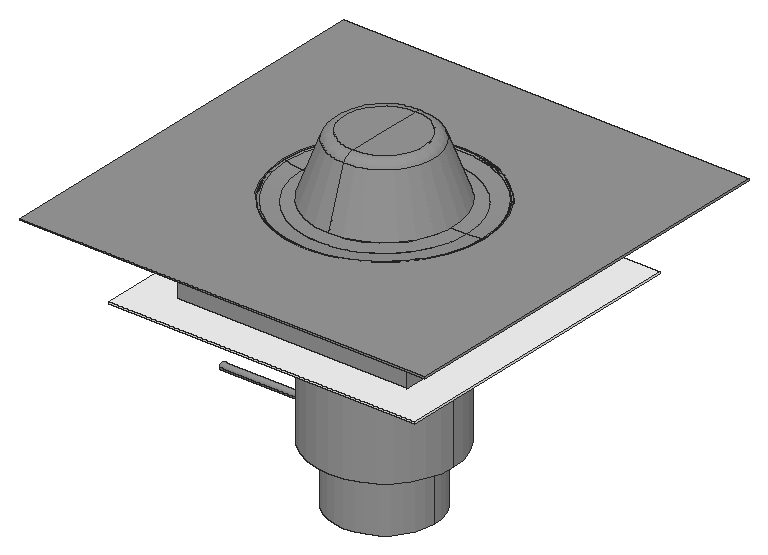
Revit family "HL_Dachablauf_HL63.1H-B-221103", category Instalační zařizovací předměty, Revit 2021
Family settings
  Kóta kulaté spojky = Použít průměr
  Typ dílu = Normální
  Číslo OmniClass = 23.70.50.21.24.14
  Nadpis OmniClass = Deck Waste Water Drains
  Založené na pracovní rovině = Ne
  Vždy vertikální = Ano
  Ořezat dutým tvarem při načtení = Ne
  Sdílené = Ne
  Bod výpočtu místnosti = Ano
Parameters (values of type "HL_Dachablauf_HL63.1H_2")
  Výchozí výška = 0 mm
  Výrobce = "HL Hutterer & Lechner GmbH"  # constant formula
  VOLUMENSTROM [instance] = 0.0 L/s
  URL = "http://www.hutterer-lechner.com/de/products/catalog/roof-drains/HL63.1H/2.aspx"
  RECHTSAUSKUNFT = "Urheberrechte (©), Designrechte und alle anderen Rechte am geistigen Eigentum, sind ausschließlich Eigentum der Firma HL Hutterer&Lechner GmbH. Änderungen sind nicht gestattet. Die Familien (Teile) sind mit Wasserzeichen geschützt."
  MATERIAL = "PP"
  LEISTUNG = "12,2 l/s"
  GEWICHT = "3,73 [kg]"
  EINLAUFROST = "Laubfangkorb d 145 mm"
  EINBAUHÖHE = "266_326 mm"
  EAN = "9003076826339"
  DURCHMESSER = 125 mm
  DIMENSION = "DN125"
  Abdeckung Material [instance] = none
  Přípoj ventilace = no
  Přípoj odpadních dílů = yes
  Přípoj HW = no
  Přípoj CW = no
  Popis = "Dachabläufe"
  Model = "HL63.1H_2"
  Assembly Code = " "
  Komentáře k typům = "HL63.1H/2 Dachablauf DrainBox DN125 mit Bitumenmanschette und Heizung (10_30W/230V),"
  Keynote = "HL63.1H_2"
  Einbauhöhe [instance] = 100 mm
  G [instance] = 180.00°  # constant formula
  D [instance] = 238 mm  # constant formula
  C [instance] = if(Einbauhöhe - 68 mm < 0 mm, 0 mm, Einbauhöhe - 68 mm)  # 32 mm
  B [instance] = 100 mm  # constant formula
  A [instance] = if(B - 100 mm > 15 mm, B - 100 mm, 15 mm)  # 15 mm
Types (4, lengths in mm): name | URL | LEISTUNG | GEWICHT | EINBAUHÖHE | EAN | DURCHMESSER | DIMENSION | Model | Komentáře k typům | Keynote
  (no name) | "http://www.hutterer-lechner.com/de/products/catalog/roof-drains/HL63.1H/7.aspx" | "8,6 l/s" | "3,69 [kg]" | "266_326 mm" | "9003076806331" | 75 | "DN75" | "HL63.1H_7" | "HL63.1H/7 Dachablauf DrainBox DN75 mit Bitumenmanschette und Heizung (10_30W/230V)," | "HL63.1H_7"
  HL_Dachablauf_HL63.1H_1 | "http://www.hutterer-lechner.com/de/products/catalog/roof-drains/HL63.1H/1.aspx" | "8,7 l/s" | "3,71 [kg]" | "266-326 mm" | "9003076816330" | 110 | "DN110" | "HL63.1H_1" | "HL63.1H/1 Dachablauf DrainBox DN110 mit Bitumenmanschette und Heizung (10-30W/230V)," | "HL63.1H_1"
  HL_Dachablauf_HL63.1H_2 | "http://www.hutterer-lechner.com/de/products/catalog/roof-drains/HL63.1H/2.aspx" | "12,2 l/s" | "3,73 [kg]" | "266_326 mm" | "9003076826339" | 125 | "DN125" | "HL63.1H_2" | "HL63.1H/2 Dachablauf DrainBox DN125 mit Bitumenmanschette und Heizung (10_30W/230V)," | "HL63.1H_2"
  HL_Dachablauf_HL63.1H_7 | "http://www.hutterer-lechner.com/de/products/catalog/roof-drains/HL63.1H/7.aspx" | "8,6 l/s" | "3,69 [kg]" | "266_326 mm" | "9003076806331" | 75 | "DN75" | "HL63.1H_7" | "HL63.1H/7 Dachablauf DrainBox DN75 mit Bitumenmanschette und Heizung (10_30W/230V)," | "HL63.1H_7"
Reference planes
  plane 1 "Center (Front/Back)": y = 0
  plane 2: z = 0
  plane 3 "Center (Left/Right)": x = 0
  plane 4: z = -100
  plane 5: z = -100
Lines and regions (mm)
  model lines, style "InvisibleLines"
    curve 1: line (0, 0, 0) -> (0, 0, 20)
  model lines, style "PlumbingFixtures", detail levels coarse+medium
    curve 2: line (0, 0, -100) -> (0, 0, -85)
    curve 3: line (0, 0, -85) -> (-85, 0, 0)
    curve 4: line (0, 0, -85) -> (85, 0, 0)
    curve 6: line (0, 0, -100) -> (0, 0, -338)
  reference lines, not visible
    curve 5: line (0, 0, -100) -> (0, 0, -338)
  symbolic lines, style "PlumbingFixtures", detail levels coarse+medium
    curve 7: line (-75, 75, 0) -> (75, 75, 0)
    curve 8: line (-75, -75, 0) -> (-75, 75, 0)
    curve 9: line (75, -75, 0) -> (-75, -75, 0)
    curve 10: line (75, 75, 0) -> (75, -75, 0)
    curve 11: line (-75, 75, 0) -> (-145.711, 145.711, 0)
    curve 12: line (75, 75, 0) -> (145.711, 145.711, 0)
    curve 13: line (-75, -75, 0) -> (-145.711, -145.711, 0)
    curve 14: line (75, -75, 0) -> (145.711, -145.711, 0)
  symbolic lines, style "PlumbingFixtures", not visible, detail levels coarse+medium
    curve 15: line (-75, 75, 0) -> (75, 75, 0)
    curve 16: line (-75, -75, 0) -> (-75, 75, 0)
    curve 17: line (75, -75, 0) -> (-75, -75, 0)
    curve 18: line (75, 75, 0) -> (75, -75, 0)
    curve 19: line (-75, 75, 0) -> (-145.711, 145.711, 0)
    curve 20: line (75, 75, 0) -> (145.711, 145.711, 0)
    curve 21: line (-75, -75, 0) -> (-145.711, -145.711, 0)
    curve 22: line (75, -75, 0) -> (145.711, -145.711, 0)
Text (mm)
  text "FLOOR" at (-162.344, 0, -10.979), in view "Drain Construction View"
Dimensions and locks
  "B": plane 2 to plane 4
  "Einbauhöhe": plane 2 to plane 5
  "A": curve 4 to plane 4
  "D": curve 5 to curve 5
  "D": curve 6 to curve 6
  locked: curve 4 to plane 3 "Center (Left/Right)" (angle 45.00°)
  locked: plane 3 "Center (Left/Right)" to curve 3 (angle 45.00°)
  "G": angle curve 5 to plane 3 "Center (Left/Right)"
  aligned and locked: level to plane 2
  aligned and locked: plane 2 to curve 4
  aligned and locked: plane 2 to curve 3
  aligned and locked: plane 4 to curve 5
  aligned and locked: plane 3 "Center (Left/Right)" to curve 5
  aligned and locked: plane 4 to curve 2
  aligned and locked: curve 6 to plane 3 "Center (Left/Right)"
  aligned and locked: curve 6 to plane 4
  aligned and locked: nested 1 to plane 2
  aligned and locked: nested 1 to plane 3 "Center (Left/Right)"
  aligned and locked: plane 2 to nested 2
  aligned and locked: plane 3 "Center (Left/Right)" to nested 2
Automatic sketch dimensions
  curve 2 to plane 3 "Center (Left/Right)" = 0 mm
  curve 1 to plane 3 "Center (Left/Right)" = 0 mm
  curve 1 to level = 0 mm
  level to curve 1 = 20 mm
Nested families
  nested 1: "HL_Dachablaufkörper_HL63.1H" at (0, 0, 0) x (0, -1, 0) z (0, 0, 1), DURCHMESSER <- "DURCHMESSER", EInbauhöhe <- "Einbauhöhe", type "HL_Dachablaufkörper_HL63.1H"
    with L2 2.5 mm, L 100 mm, IHmin 266 mm, IHmax 326 mm, EInbauhöhe 100 mm, DURCHMESSER 125 mm
  nested 2: "HL_Zubehör_HL062.1E" at (0, 0, 0), type "HL_Zubehör_HL062.1E"
Connectors
  piping at (0, 0, -338), diameter 125, driven by "VOLUMENSTROM", driven by "DURCHMESSER"
    settings: on curve 5, index 1, connector inside diameter 609.6 mm, connector length 0 mm, flow factor 0, pipe flow 0.0 L/s, pressure drop 0.0 Pa, fitting loss kfactor 0, connector angle 0.00°, fixture units 0, engagement length 0 mm, angle of deflection 0.00°, flow configuration 1, flow direction 2, fitting loss method 0, system type 16, joint type 0, gender type 0, connector reference index -1, connector utility 0, adjustable connector yes, is connector primary yes, connector description ""
Definition of nested family "HL_Dachablaufkörper_HL63.1H"
  Parameters (values of type "HL_Dachablaufkörper_HL63.1H")
    Default Elevation = 0 mm
    Manufacturer = ""
    URL = ""
    Description = ""
    Model = ""
    L2 [instance] = if((L = 0 mm), 0 mm, 2.5 mm)  # 2.5 mm
    L [instance] = if(EInbauhöhe < (IHmin - 166 mm), 0 mm, if(EInbauhöhe > (IHmax - 166 mm) + 0.1 mm, 0 mm, EInbauhöhe + 0 mm))  # 100 mm
    Type Comments = ""
    EInbauhöhe [instance] = 100 mm
    IHmin [instance] = 266 mm
    IHmax [instance] = 326 mm
    DURCHMESSER [instance] = 125 mm
    Cost = 0
  Reference planes
    plane 1 "Střed (vpředu/vzadu)": y = 0
    plane 2: z = 0
    plane 3 "Střed (vlevo/vpravo)": x = 0
  Forms (mm)
    Revolve 1, solid, detail levels fine
      sketch origin (0, 0, 0) x (0, 1, 0) y (0, 0, 1)
        loop
          line (124.5, -0.329) -> (123.537, -0.329) -> (121.69, -1.439) -> (101.8, -3.529) -> (81.833, -3.529) -> (79.262, -6.488) -> (79.262, -23.842) -> (77.535, -25.829) -> (76.478, -25.829) -> (74.952, -27.355) -> (74.952, -31.329) -> (82.562, -31.329) -> (82.562, -8.75) -> (103.341, -8.75) -> (121.887, -2) -> (124.5, -2) -> (124.5, -0.329)
        axis (0, -0.329) -> (0, -31.329)
      angle from 0 to 360
    Revolve 2, solid, detail levels fine
      sketch origin (0, 0, 0) x (0, 1, 0) y (0, 0, 1)
        loop
          line (0, -272.998) -> (62.859, -272.998) -> (62.859, -267.5) -> (85.586, -267.5) -> (85.586, -31.329) -> (77.87, -31.329) -> (77.719, -39.957) -> (59.416, -81.066) -> (59.416, -99) -> (0, -99) -> (0, -272.998)
        axis (0, -31.329) -> (0, -272.998)
      angle from 0 to 360
    Extrusion 3, solid, detail levels fine
      sketch origin (0, 0, -272.998) x (0, 1, 0) y (1, 0, 0)
        loop
          circle (0, 0) r 62.5
      from 0 to 65
    Extrusion 4, solid, detail levels fine
      sketch origin (0, 0, 0) x (1, 0, 0) y (0, 0, 1)
        loop
          circle (0, -255.316) r 4.172
      from 0 to 200
    Extrusion 5, solid, detail levels fine
      sketch origin (0, 0, 0) x (1, 0, 0) y (0, 1, 0)
        loop
          line (250, -250) -> (250, 250) -> (-250, 250) -> (-250, -250) -> (250, -250)
        loop
          circle (0, 0) r 125
      from 0 to -2
    Extrusion 6, solid, detail levels fine
      sketch origin (0, 0, -2) x (0, 1, 0) y (1, 0, 0)
        loop
          line (-179, -179) -> (179, -179) -> (179, 179) -> (-179, 179) -> (-179, -179)
        loop
          circle (0, -4.172) r 125
      from 0 to 3
    Extrusion 7, solid, detail levels fine
      sketch origin (0, 0, -5) x (-1, 0, 0) y (0, 1, 0)
        loop
          line (142, -142) -> (142, 142) -> (-142, 142) -> (-142, -142) -> (142, -142)
        loop
          line (138.192, 138.058) -> (-138.683, 138.058) -> (-138.683, -138.192) -> (138.192, -138.192) -> (138.192, 138.058)
      from 0 to 94
    Extrusion 8, solid, detail levels fine
      sketch origin (0, 189, -100) x (0, -1, 0) y (1, 0, 0)
        loop
          line (0, -189.442) -> (378.014, -189.442) -> (378.014, 189.132) -> (0, 189.132) -> (0, -189.442)
      from 0 to 2.5 <- "L2"
    Extrusion 9, solid, detail levels fine
      sketch origin (0, 189, -97.5) x (0, -1, 0) y (1, 0, 0)
        loop
          line (327.192, -138.192) -> (327.192, 138.683) -> (50.942, 138.683) -> (50.942, -138.192) -> (327.192, -138.192)
        loop
          line (59.097, 129.452) -> (59.097, -129.537) -> (318.334, -129.537) -> (318.334, 129.452) -> (59.097, 129.452)
      from 0 to 60
  Lines and regions (mm)
    reference lines, not visible
      curve 1: line (0, 189, -100) -> (0, -336, -100)
  Dimensions and locks
    "L": curve 1 to plane 2
    "DURCHMESSER": diameter of Extrusion 3 sketch curve
    aligned and locked: level to plane 2
  Automatic sketch dimensions
    Revolve 1 sketch curve to plane 1 "Střed (vpředu/vzadu)" = 0 mm
    Revolve 1 sketch curve to level = 31.329 mm
    Revolve 1 sketch curve to plane 1 "Střed (vpředu/vzadu)" = 74.952 mm
    Revolve 1 sketch curve to level = 25.829 mm
    Revolve 1 sketch curve to Revolve 1 sketch curve = 1.526 mm  (x2)
    Revolve 1 sketch curve to Revolve 1 sketch curve = 1.057 mm
    Revolve 1 sketch curve to level = 6.488 mm
    Revolve 1 sketch curve to Revolve 1 sketch curve = 1.727 mm
    Revolve 1 sketch curve to level = 3.529 mm
    Revolve 1 sketch curve to Revolve 1 sketch curve = 2.572 mm
    Revolve 1 sketch curve to Revolve 1 sketch curve = 3.3 mm
    Revolve 1 sketch curve to Revolve 1 sketch curve = 19.238 mm
    Revolve 1 sketch curve to level = 8.75 mm
    Revolve 1 sketch curve to Revolve 1 sketch curve = 1.541 mm
    Revolve 1 sketch curve to level = 1.439 mm
    Revolve 1 sketch curve to Revolve 1 sketch curve = 18.349 mm
    Revolve 1 sketch curve to Revolve 1 sketch curve = 0.196 mm
    Revolve 1 sketch curve to level = 0.329 mm
    Revolve 1 sketch curve to Revolve 1 sketch curve = 1.846 mm
    Revolve 1 sketch curve to Revolve 1 sketch curve = 0.963 mm
    Revolve 1 sketch curve to Revolve 1 sketch curve = 1.987 mm
    Revolve 1 sketch curve to Revolve 1 sketch curve = 0.561 mm
    Revolve 1 sketch curve to Revolve 1 sketch curve = 268.671 mm
    level to Revolve 1 sketch curve = 300 mm
    Revolve 2 sketch curve to plane 1 "Střed (vpředu/vzadu)" = 0 mm  (x2)
    Revolve 2 sketch curve to plane 1 "Střed (vpředu/vzadu)" = 59.416 mm
    Revolve 2 sketch curve to plane 1 "Střed (vpředu/vzadu)" = 62.859 mm
    Revolve 2 sketch curve to Revolve 2 sketch curve = 18.303 mm
    Revolve 2 sketch curve to Revolve 2 sketch curve = 0.151 mm
    Revolve 2 sketch curve to Revolve 2 sketch curve = 22.727 mm
    Revolve 2 sketch curve to level = 272.998 mm
    Revolve 2 sketch curve to Revolve 2 sketch curve = 5.498 mm
    Revolve 2 sketch curve to level = 99 mm
    Revolve 2 sketch curve to Revolve 2 sketch curve = 17.934 mm
    Revolve 2 sketch curve to level = 39.957 mm
    Revolve 2 sketch curve to Revolve 2 sketch curve = 8.627 mm
    Revolve 2 sketch curve to Revolve 2 sketch curve = 27.002 mm
    level to Revolve 2 sketch curve = 300 mm
    Extrusion 4 sketch curve to plane 3 "Střed (vlevo/vpravo)" = 0 mm
    Extrusion 4 sketch curve to level = 255.316 mm
    plane 1 "Střed (vpředu/vzadu)" to Extrusion 5 sketch curve = 0 mm
    Extrusion 5 sketch curve to plane 3 "Střed (vlevo/vpravo)" = 0 mm
    Extrusion 5 sketch curve to plane 3 "Střed (vlevo/vpravo)" = 250 mm
    plane 3 "Střed (vlevo/vpravo)" to Extrusion 5 sketch curve = 250 mm
    plane 1 "Střed (vpředu/vzadu)" to Extrusion 5 sketch curve = 250 mm
    Extrusion 5 sketch curve to plane 1 "Střed (vpředu/vzadu)" = 250 mm
    Extrusion 5 to Extrusion 6 sketch curve = 71 mm  (x4)
    Extrusion 5 to Extrusion 6 sketch curve = 250 mm
    Extrusion 5 to Extrusion 6 sketch curve = 245.828 mm
    Extrusion 6 to Extrusion 7 sketch curve = 37 mm  (x2)
    Extrusion 7 sketch curve to Extrusion 7 sketch curve = 3.317 mm
    Extrusion 6 to Extrusion 7 sketch curve = 40.808 mm  (x2)
    Extrusion 7 sketch curve to Extrusion 7 sketch curve = 3.808 mm  (x2)
    Extrusion 7 sketch curve to Extrusion 7 sketch curve = 3.942 mm
    curve 1 to Extrusion 8 sketch curve = 0 mm
    Extrusion 8 sketch curve to curve 1 = 189.442 mm
    curve 1 to Extrusion 8 sketch curve = 189.132 mm
    Extrusion 8 sketch curve to curve 1 = 146.986 mm
    Extrusion 9 sketch curve to Extrusion 8 = 50.942 mm
    Extrusion 9 sketch curve to Extrusion 9 sketch curve = 8.155 mm
    Extrusion 9 sketch curve to Extrusion 8 = 59.68 mm  (x2)
    Extrusion 9 sketch curve to Extrusion 9 sketch curve = 8.858 mm
    Extrusion 9 sketch curve to Extrusion 8 = 51.25 mm
    Extrusion 9 sketch curve to Extrusion 9 sketch curve = 8.655 mm
    Extrusion 9 sketch curve to Extrusion 9 sketch curve = 9.231 mm
    Extrusion 3 sketch curve to Revolve 2 = 0 mm
    plane 1 "Střed (vpředu/vzadu)" to curve 1 = 336 mm
    curve 1 to plane 1 "Střed (vpředu/vzadu)" = 189 mm
    radius of Extrusion 4 sketch curve = 4.172 mm
    radius of Extrusion 5 sketch curve = 125 mm
    radius of Extrusion 6 sketch curve = 125 mm
Definition of nested family "HL_Zubehör_HL062.1E"
  Parameters (values of type "HL_Zubehör_HL062.1E")
    Default Elevation = 0 mm
    Manufacturer = "HL Hutterer & Lechner GmbH"
    URL = "http://www.hutterer-lechner.com/de/products/catalog/roof-drains/HL062.1E.aspx"
    Abdeckung Material = none
    RECHTSAUSKUNFT = "Urheberrechte (©), Designrechte und alle anderen Rechte am geistigen Eigentum, sind ausschließlich Eigentum der Firma HL Hutterer&Lechner GmbH. Änderungen sind nicht gestattet. Die Familien (Teile) sind mit Wasserzeichen geschützt."
    Description = "Dachabläufe"
    Model = "HL062.1E"
    Type Comments = "HL062.1E, Laubfangkorb"
    Keynote = "HL062.1E"
    GEWICHT = "0,097 [kg]"
    Volumenstrom [instance] = 0.0 L/s
    EAN = "9003076006212"
    Cost = 0
  Values of the unnamed type that differ from the named types
    Manufacturer = ""
    URL = ""
    RECHTSAUSKUNFT = ""
    Description = ""
    Model = ""
    Type Comments = "HL062.1E, domed plastic grate"
    Keynote = ""
  Reference planes
    plane 1 "Střed (vpředu/vzadu)": y = 0
    plane 2: z = 0
    plane 3 "Střed (vlevo/vpravo)": x = 0
  Forms (mm)
    Revolve 1, solid, detail levels fine
      sketch origin (0, 0, 0) x (0, 1, 0) y (0, 0, 1)
        loop
          line (0, 75) -> (0, 60.2) -> (47.074, 60.2) -> (68.985, 0) -> (86.249, 0) -> (61.992, 66.646)
          arc (61.992, 66.646) -> (56.733, 72.731) -> (49.016, 75) r 14.255
          line (49.016, 75) -> (0, 75)
        axis (0, 75) -> (0, 0)
      angle from 0 to 360
    Extrusion 2, solid, detail levels fine
      sketch origin (0, 0, 0) x (0, 1, 0) y (1, 0, 0)
        loop
          circle (0, 0) r 78.587
        loop
          circle (0, 0) r 70.981
      from 0 to 16.7
    Extrusion 3, solid, detail levels fine
      sketch origin (0, 0, -16.7) x (-1, 0, 0) y (0, 1, 0)
        loop
          circle (0, 0) r 70
        loop
          circle (0, 0) r 74.546
      from 0 to 12.3
  Dimensions and locks
    aligned and locked: level to plane 2
